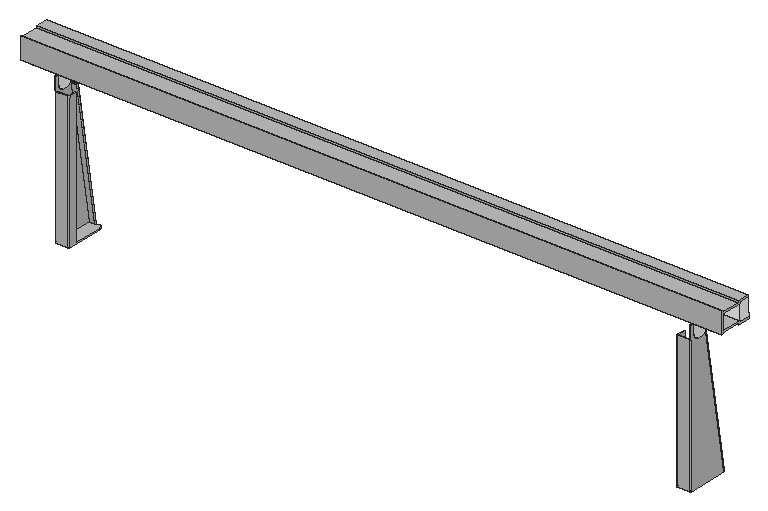
Revit family "4070765+4070746+4070772 Feilo Sylvania Lighting Fixture CURSUS 1161MM 827LM OVAL LED 3K with CONTINUOUS WALL HOUSING with 250MM WALL BRACKET", category Lighting Fixtures, host Face, Revit 2017
Family settings
  Host = Face
  Round Connector Dimension = Use Diameter
  Part Type = Normal
  OmniClass Number = 23.80.70.14
  OmniClass Title = Luminaries for External Lighting
  Cut with Voids When Loaded = Yes
  Light Source = No
  Shared = No
  Room Calculation Point = No
Parameters (values of type "4070765 CURSUS 1161MM 827LM OVAL LED 3K")
  Weight = "2.2 kg"
  Wattage Comments = "n/a"
  WarrantyStartDate [instance] = "n/a"
  WarrantyGuarantorParts = "n/a"
  WarrantyDurationUnit = "n/a"
  WarrantyDurationParts = "n/a"
  WarrantyDescription = "n/a"
  Voltage = 24 V
  URL = "http://www.sylvania-lighting.com"
  TypeName = "CURSUS 1161MM 827LM OVAL LED 3K"
  TypeFixture_FEILO = CURSUS with CONTINUOUS WALL HOUSING : CURSUS 1161MM 827LM OVAL LED 3K
  Type Image = <None>
  Type Comments = "n/a"
  TiltAngle [instance] = 0.00°
  StartAngle [instance] = TiltAngle + 270.00°  # 270.00°
  SerialNumber [instance] = "n/a"
  ReflectorMaterial = none
  PowerFactor = 0
  PowerConsumption = "18 W"
  NominalLength = 1161 mm
  NominalHeight = 50 mm
  NominalDepth = 30 mm
  Name = "CURSUS 1161MM 827LM OVAL LED 3K"
  ModelReference = Name  # "CURSUS 1161MM 827LM OVAL LED 3K"
  ModelNumber = "4070765"
  Model = Name  # "CURSUS 1161MM 827LM OVAL LED 3K"
  Material = "natural anodised extruded aluminium structure housing, optical system with pmma lenses diffuser"
  ManufacturerName = "Feilo Sylvania"
  Manufacturer = "Feilo Sylvania"
  LuminousEfficacy = "45.94 lm/W"
  LuminaireType = ""
  LightOutputRatio = "100"
  LampsType = Lamp  # "LED"
  LampNominalLuminous = "827 lm"
  LampMacAdamStep = "n/a"
  LampColourTemperature = "3000 K"
  LampColourRenderingIndex = "80"
  Lamp = "LED"
  Keynote = "16500"
  InstallationDate [instance] = "n/a"
  InputVoltage = "24V DC"
  InputNominalFrequency = "n/a"
  IngressProtection = "IP67"
  ImpactProtectionIndex = "IK07"
  IfcExportType = "IfcLightFixtureType"
  IfcExportAs = "IfcLightFixtureType"
  ExpectedLife = 50000
  EndAngle [instance] = StartAngle - 180.00°  # 90.00°
  ElectricShockClassification = "Class III"
  DurationUnit = "hours"
  DocumentationLiterature = "http://www.sylvania-lighting.com/product/en-int/products/4070765"
  DimmingControlOptions = "n/a"
  DiffuserMaterial = Diffuser-Sylvania-Glow
  Description = "LED Exterior Lighting Recessed Surface Mounted Linear Fixture, Natural anodised extruded aluminium structure. Die-cast aluminium end caps. Installation kit with harmonic steel springs., 827 lm, 18W, 45lm/W, 3000K, CRI80+,non dimmable,IP67, IK07, (HxWxD) 1161x50x30mm, 3 step Mac Adam Ellipse, 2.2kg,, Classe III, 21-25V-DC, energy class : A++, A+, A"
  Default Elevation = 1219.2 mm
  CreatedOn = "1/8/2018"
  CreatedBy = ""
  Cost = 0
  built-in parameter 1114216 [instance] = (empty or 0)
  ClassificationValue = "EF_70_80"
  ClassificationName = "Uniclass2015"
  BracketWidth = 24 mm
  BracketThickness = 2 mm
  BracketHeightEnd = 32 mm
  BracketHeight = 70 mm
  BracketFlange = BracketHeight / 5  # 14 mm
  BracketExtension = 250 mm
  BracketEndReduction = 25 mm
  BracketC = 22 mm  # constant formula
  BracketDistance = 1030 mm
  BracketD = BracketHeightEnd - (BracketC * (BracketHeight - BracketHeightEnd) / (BracketExtension - BracketEndReduction))  # 28.284 mm
  BodyMaterial = Body-Sylvania-Gray
  BarCode [instance] = "n/a"
  AssetType = "Fixed"
  AssetIdentifier [instance] = "n/a"
  Assembly Code = "D5020200"
  Apparent Load = 18 VA
  AccessoryMaterial = Diffuser-Sylvania-Glow
Reference planes
  plane 1 "Center (Front/Back)": y = 0
  plane 2: z = 0
  plane 3 "Center (Left/Right)": x = 0
  plane 4: x = -527
  plane 5: x = 527
  plane 6: y = 70
  plane 7: x = -503
  plane 8: x = 503
  plane 9: z = 250
  plane 10: z = 236
  plane 11: z = 2
  plane 12: z = 225
  plane 13: x = -525
  plane 14: y = 68
  plane 15: y = 2
  plane 16: x = -505
  plane 17: x = 505
  plane 18: x = 525
  plane 19: x = -515
  plane 20: x = 515
  plane 21: y = 14
  plane 22: y = 32
  plane 23: y = 30
  plane 24: z = 247
  plane 25: y = 28.284
  plane 26: y = 16
Forms (mm)
  Blend 1, solid, material "Body-Sylvania-Gray" <- "BodyMaterial"
    base sketch origin (1223.4, -4572, 2) x (0, -1, 0) y (1, 0, 0)
      loop
        line (-4640, -1738.4) -> (-4642, -1738.4) -> (-4642, -1748.4)
        arc (-4642, -1748.4) -> (-4641.414, -1749.814) -> (-4640, -1750.4) r 2
        line (-4640, -1750.4) -> (-4574, -1750.4)
        arc (-4574, -1750.4) -> (-4572.586, -1749.814) -> (-4572, -1748.4) r 2
        line (-4572, -1748.4) -> (-4572, -1728.4)
        arc (-4572, -1728.4) -> (-4572.586, -1726.986) -> (-4574, -1726.4) r 2
        line (-4574, -1726.4) -> (-4586, -1726.4) -> (-4586, -1728.4) -> (-4574, -1728.4) -> (-4574, -1748.4) -> (-4640, -1748.4) -> (-4640, -1738.4)
    top sketch origin (1223.4, -4572, 2) x (0, -1, 0) y (1, 0, 0)
      loop
        line (-4586, -1728.4) -> (-4574, -1728.4) -> (-4574, -1748.4) -> (-4602, -1748.4) -> (-4602, -1738.4) -> (-4604, -1738.4) -> (-4604, -1748.4)
        arc (-4604, -1748.4) -> (-4603.52, -1749.71) -> (-4602.309, -1750.4) r 2.028
        line (-4602.309, -1750.4) -> (-4574, -1750.4)
        arc (-4574, -1750.4) -> (-4572.586, -1749.814) -> (-4572, -1748.4) r 2
        line (-4572, -1748.4) -> (-4572, -1728.4)
        arc (-4572, -1728.4) -> (-4572.586, -1726.986) -> (-4574, -1726.4) r 2
        line (-4574, -1726.4) -> (-4586, -1726.4) -> (-4586, -1728.4)
    from 0 to 223
  Extrusion 2, solid, material "Body-Sylvania-Gray" <- "BodyMaterial"
    sketch origin (0, 0, 0) x (1, 0, 0) y (0, 1, 0)
      loop
        arc (-525, 70) -> (-526.414, 69.414) -> (-527, 68) r 2
        line (-527, 68) -> (-527, 2)
        arc (-527, 2) -> (-526.414, 0.586) -> (-525, 0) r 2
        line (-525, 0) -> (-505, 0)
        arc (-505, 0) -> (-503.586, 0.586) -> (-503, 2) r 2
        line (-503, 2) -> (-503, 62.5)
        arc (-503, 62.5) -> (-505.197, 67.803) -> (-510.5, 70) r 7.5
        line (-510.5, 70) -> (-525, 70)
      loop
        line (525, 70) -> (510.5, 70)
        arc (510.5, 70) -> (505.197, 67.803) -> (503, 62.5) r 7.5
        line (503, 62.5) -> (503, 2)
        arc (503, 2) -> (503.586, 0.586) -> (505, 0) r 2
        line (505, 0) -> (525, 0)
        arc (525, 0) -> (526.414, 0.586) -> (527, 2) r 2
        line (527, 2) -> (527, 68)
        arc (527, 68) -> (526.414, 69.414) -> (525, 70) r 2
    from 0 to 2
  Blend 3, solid, material "Body-Sylvania-Gray" <- "BodyMaterial"
    base sketch origin (1223.4, -4572, 2) x (0, -1, 0) y (1, 0, 0)
      loop
        line (-4640, -698.4) -> (-4574, -698.4) -> (-4574, -718.4) -> (-4586, -718.4) -> (-4586, -720.4) -> (-4574, -720.4)
        arc (-4574, -720.4) -> (-4572.586, -719.814) -> (-4572, -718.4) r 2
        line (-4572, -718.4) -> (-4572, -698.4)
        arc (-4572, -698.4) -> (-4572.586, -696.986) -> (-4574, -696.4) r 2
        line (-4574, -696.4) -> (-4640, -696.4)
        arc (-4640, -696.4) -> (-4641.414, -696.986) -> (-4642, -698.4) r 2
        line (-4642, -698.4) -> (-4642, -708.4) -> (-4640, -708.4) -> (-4640, -698.4)
    top sketch origin (1223.4, -4572, 2) x (0, -1, 0) y (1, 0, 0)
      loop
        line (-4602, -708.4) -> (-4602, -698.4) -> (-4574, -698.4) -> (-4574, -718.4) -> (-4586, -718.4) -> (-4586, -720.4) -> (-4574, -720.4)
        arc (-4574, -720.4) -> (-4572.586, -719.814) -> (-4572, -718.4) r 2
        line (-4572, -718.4) -> (-4572, -698.4)
        arc (-4572, -698.4) -> (-4572.586, -696.986) -> (-4574, -696.4) r 2
        line (-4574, -696.4) -> (-4602, -696.4)
        arc (-4602, -696.4) -> (-4603.414, -696.986) -> (-4604, -698.4) r 2
        line (-4604, -698.4) -> (-4604, -708.4) -> (-4602, -708.4)
    from 0 to 223
  Blend 4, solid, material "Body-Sylvania-Gray" <- "BodyMaterial"
    base sketch origin (1223.4, -4572, 225) x (0, -1, 0) y (1, 0, 0)
      loop
        line (-4604, -1750.4) -> (-4572, -1750.4) -> (-4572, -1748.4) -> (-4604, -1748.4) -> (-4604, -1750.4)
    top sketch origin (1223.4, -4572, 225) x (0, -1, 0) y (1, 0, 0)
      loop
        line (-4572, -1750.4) -> (-4572, -1748.4) -> (-4600.284, -1748.4) -> (-4600.284, -1750.4) -> (-4572, -1750.4)
    from 0 to 22
  Blend 5, solid, material "Body-Sylvania-Gray" <- "BodyMaterial"
    base sketch origin (1223.4, -4572, 225) x (0, -1, 0) y (1, 0, 0)
      loop
        line (-4604, -698.4) -> (-4572, -698.4) -> (-4572, -696.4) -> (-4604, -696.4) -> (-4604, -698.4)
    top sketch origin (1223.4, -4572, 225) x (0, -1, 0) y (1, 0, 0)
      loop
        line (-4572, -696.4) -> (-4600.284, -696.4) -> (-4600.284, -698.4) -> (-4572, -698.4) -> (-4572, -696.4)
    from 0 to 22
  Extrusion 6, void
    sketch origin (0, 0, 0) x (0, 1, 0) y (0, 0, 1)
      loop
        line (0, 225) -> (2, 225) -> (2, 226.5) -> (0, 226.5) -> (0, 225)
      loop
        line (32, 225) -> (32, 226.5) -> (30, 226.5) -> (30, 225) -> (32, 225)
    from -527 to 527
  Revolve 7, solid, not visible
    sketch origin (1524, 16, 1219.2) x (1, 0, 0) y (0, 0, 1)
      loop
        line (-1524, -972.2) -> (-1524, -983.2) -> (-1009, -983.2) -> (-1009, -972.2) -> (-1524, -972.2)
      axis (-1009, -983.2) -> (-1524, -983.2)
    angle from 270 <- "StartAngle" to 90 <- "EndAngle"
Cuts and joins
  Extrusion 6 cuts Blend 4
  Extrusion 6 cuts Blend 5
  joined: Blend 1, Extrusion 2, Blend 3, Blend 4, Blend 5
Lines and regions (mm)
  reference lines, not visible
    curve 1: line (-503, 16, 236) -> (503, 16, 236)
Dimensions and locks
  equal spacing: plane 4, plane 3 "Center (Left/Right)", plane 5
  "BracketDistance": plane 19 to plane 20
  "BracketHeight": plane 1 "Center (Front/Back)" to plane 6
  equal spacing: plane 7, plane 3 "Center (Left/Right)", plane 8
  "BracketWidth": plane 4 to plane 7
  "BracketExtension": plane 9 to plane 2
  "BracketThickness": plane 11 to plane 2
  "BracketEndReduction": plane 9 to plane 12
  equal spacing: plane 13, plane 3 "Center (Left/Right)", plane 18
  equal spacing: plane 16, plane 3 "Center (Left/Right)", plane 17
  "BracketThickness": plane 4 to plane 13
  "BracketThickness": plane 16 to plane 7
  "BracketThickness": plane 14 to plane 6
  "BracketThickness": plane 1 "Center (Front/Back)" to plane 15
  equal spacing: plane 4, plane 19, plane 7
  equal spacing: plane 8, plane 20, plane 5
  "BracketFlange": plane 1 "Center (Front/Back)" to plane 21
  "BracketHeightEnd": plane 1 "Center (Front/Back)" to plane 22
  "BracketThickness": plane 23 to plane 22
  locked: Extrusion 2 sketch curve to plane 7 at 7.5
  locked: Extrusion 2 sketch curve to plane 6 at 7.5  (x2)
  locked: plane 8 to Extrusion 2 sketch curve at 7.5
  "BracketC": plane 24 to plane 12
  "BracketD": plane 1 "Center (Front/Back)" to plane 25
  locked: plane 12 to Extrusion 6 sketch curve at 1.5
  equal spacing: plane 24, plane 10, plane 12
  equal spacing: plane 1 "Center (Front/Back)", plane 26, plane 22
  aligned and locked: plane 2 to host face
  aligned and locked: level to host face
  aligned and locked: plane 4 to Blend 1 sketch curve  (x2)
  aligned and locked: plane 13 to Blend 1 sketch curve  (x3)
  aligned and locked: Blend 1 sketch curve to plane 15
  aligned and locked: Blend 1 sketch curve to plane 16
  aligned and locked: Blend 1 sketch curve to plane 21
  aligned and locked: plane 7 to Blend 1 sketch curve
  aligned and locked: plane 16 to Blend 1 sketch curve
  aligned and locked: plane 1 "Center (Front/Back)" to Blend 1 sketch curve
  aligned and locked: plane 14 to Blend 1 sketch curve
  aligned and locked: Blend 1 sketch curve to var sketch  (x6)
  aligned and locked: Blend 1 sketch curve to plane 19
  aligned and locked: Blend 1 sketch curve to plane 22
  aligned and locked: plane 23 to Blend 1 sketch curve
  aligned and locked: plane 11 to Blend 1
  aligned and locked: Extrusion 2 sketch curve to Blend 1  (x3)
  aligned and locked: Extrusion 2 to level
  aligned and locked: Extrusion 2 to plane 11
  aligned and locked: Extrusion 2 sketch curve to plane 7
  aligned and locked: plane 18 to Blend 3 sketch curve  (x4)
  aligned and locked: plane 14 to Blend 3 sketch curve  (x2)
  aligned and locked: Blend 3 sketch curve to plane 20
  aligned and locked: Blend 3 sketch curve to plane 6
  aligned and locked: plane 5 to Blend 3 sketch curve
  aligned and locked: plane 1 "Center (Front/Back)" to Blend 3 sketch curve
  aligned and locked: plane 15 to Blend 3 sketch curve  (x2)
  aligned and locked: Blend 3 sketch curve to plane 8
  aligned and locked: Blend 3 sketch curve to plane 21
  aligned and locked: plane 17 to Blend 3 sketch curve
  aligned and locked: Blend 3 sketch curve to plane 18
  aligned and locked: plane 20 to Blend 3 sketch curve  (x2)
  aligned and locked: Blend 3 sketch curve to plane 23
  aligned and locked: Blend 3 sketch curve to var sketch  (x8)
  aligned and locked: var sketch to Blend 3 sketch curve
  aligned and locked: plane 22 to Blend 3 sketch curve
  aligned and locked: plane 11 to Blend 3
  aligned and locked: Extrusion 2 sketch curve to Blend 3  (x4)
  aligned and locked: Blend 1 to plane 12
  aligned and locked: Blend 3 to plane 12
  aligned and locked: Blend 4 sketch curve to plane 22
  aligned and locked: Blend 4 sketch curve to cut or joined group of Blend 1, Extrusion 2, Blend 3, Blend 4, Blend 5, Extrusion 6  (x2)
  aligned and locked: cut or joined group of Blend 1, Extrusion 2, Blend 3, Blend 4, Blend 5, Extrusion 6 to Blend 4 sketch curve
  aligned and locked: Blend 4 sketch curve to var sketch  (x2)
  aligned and locked: Blend 4 sketch curve to plane 13
  aligned and locked: Blend 4 to plane 24
  aligned and locked: Blend 4 sketch curve to plane 25
  aligned and locked: Blend 5 sketch curve to plane 18  (x2)
  aligned and locked: plane 1 "Center (Front/Back)" to Blend 5 sketch curve
  aligned and locked: plane 5 to Blend 5 sketch curve
  aligned and locked: plane 22 to Blend 5 sketch curve
  aligned and locked: Blend 5 sketch curve to var sketch
  aligned and locked: var sketch to Blend 5 sketch curve
  aligned and locked: Blend 5 sketch curve to plane 25
  aligned and locked: Blend 5 to plane 24
  aligned and locked: plane 12 to Blend 5
  aligned and locked: Extrusion 6 sketch curve to cut or joined group of Blend 1, Extrusion 2, Blend 3, Blend 4, Blend 5, Extrusion 6  (x2)
  aligned and locked: Extrusion 6 sketch curve to Extrusion 6 sketch curve
  aligned and locked: Extrusion 6 sketch curve to plane 15
  aligned and locked: plane 5 to Extrusion 6
  aligned and locked: Extrusion 6 to plane 4
  aligned and locked: Extrusion 6 sketch curve to plane 23
  aligned and locked: Revolve 7 sketch curve to plane 10  (x2)
  aligned and locked: plane 24 to Revolve 7 sketch curve
  aligned and locked: plane 3 "Center (Left/Right)" to Revolve 7 sketch curve
  aligned and locked: Revolve 7 sketch curve to plane 20
  aligned and locked: plane 7 to curve 1
  aligned and locked: plane 10 to curve 1
  aligned and locked: nested 1 to plane 5
  aligned and locked: nested 2 to plane 4
  aligned and locked: nested 1 to curve 1
  aligned and locked: nested 2 to curve 1
  aligned and locked: nested 3 to plane 3 "Center (Left/Right)"
  aligned and locked: nested 1 to nested 3
Automatic sketch dimensions
  host sketch curve to host sketch curve = 2438.4 mm  (x2)
  Blend 1 sketch curve to plane 13 = 0 mm
  plane 15 to Blend 1 sketch curve = 0 mm  (x3)
  Blend 1 sketch curve to plane 23 = 0.309 mm
  plane 6 to Blend 1 sketch curve = 0 mm
  plane 14 to Blend 1 sketch curve = 0 mm
  Blend 1 sketch curve to plane 19 = 0 mm
  Blend 3 sketch curve to plane 17 = 0 mm
  Extrusion 6 sketch curve to plane 1 "Center (Front/Back)" = 0 mm
  plane 12 to Extrusion 6 sketch curve = 0 mm
  Revolve 7 sketch curve to plane 4 = 1153 mm
  plane 5 to Revolve 7 sketch curve = 1161.4 mm
  curve 1 to plane 8 = 0 mm
Nested families
  nested 1: "MountingPlate" at (526, 16, 236) x (-1, 0, 0) z (0, 0, 1), type "MountingPlate"
  nested 2: "MountingPlate" at (-526, 16, 236) x (-1, 0, 0) z (0, 0, 1), type "MountingPlate"
  nested 3: "CURSUS with CONTINUOUS WALL HOUSING" at (0, -4, 254) x (-1, 0, 0) z (0, 0, 1), type <- "TypeFixture_FEILO", type "CURSUS 1161MM 827LM OVAL LED 3K"
    with WarrantyStartDate "n/a", SerialNumber "n/a", InstallationDate "n/a", EndCapRight no, EndCapLeft no, built-in parameter 1114216 (empty or 0), BarCode "n/a", AssetIdentifier "n/a"
Connectors
  electrical at (0, 0, 0), driven by "Voltage", driven by "Apparent Load", driven by "PowerFactor"
    settings: index 1, voltage 24 V, apparent load 18 VA, apparent load phase1 0 VA, apparent load phase2 0 VA, apparent load phase3 0 VA, power factor 0, load classification "Other", number of poles 1, system type 30, power factor state 1, is connector primary yes, connector utility no, sub classification motor no, connector description ""
Definition of nested family "MountingPlate"
  Parameters (values of type "MountingPlate")
    URL = "http://www.feilosylvania.com"
    Type Comments = "n/a"
    ReflectorMaterial = none
    MountingPlateWidth = 76 mm
    MountingPlateThickness = 2 mm
    MountingPlateRadiusBack = 12 mm
    MountingPlateRadius = 3 mm
    MountingPlateHeight = 35 mm
    Model = "n/a"
    Manufacturer = "Feilo Sylvania"
    Keynote = "n/a"
    DiffuserMaterial = none
    Description = "n/a"
    Default Elevation = 1219.2 mm
    Cost = 0
    BodyMaterial = none
    Assembly Code = "n/a"
    AccessoryMaterial = none
  Reference planes
    plane 1 "Center (Front/Back)": y = 0
    plane 2: z = 0
    plane 3 "Center (Left/Right)": x = 0
    plane 4: x = -38
    plane 5: x = 38
    plane 6: y = 17.5
    plane 7: y = -17.5
    plane 8: x = -3
    plane 9: x = 3
    plane 10: z = 18
    plane 11: z = 16
    plane 12: y = 12.5
    plane 13: y = -12.5
    plane 14: x = -1
    plane 15: x = 1
    plane 16: z = -12.5
    plane 17: z = -14.5
  Forms (mm)
    Extrusion 1, solid
      sketch origin (1.653, 0, 0) x (1, 0, 0) y (0, 1, 0)
        loop
          line (-1219.2, 1219.2) -> (-1219.2, -1219.2) -> (1219.2, -1219.2) -> (1219.2, 1219.2) -> (-1219.2, 1219.2)
      from 0 to -304.8
    Extrusion 2, solid, material <- "BodyMaterial"
      sketch origin (1218.4, -4572, 16) x (0, -1, 0) y (-1, 0, 0)
        loop
          line (-4589.5, 1253.4) -> (-4589.5, 1224.4)
          arc (-4589.5, 1224.4) -> (-4588.621, 1222.279) -> (-4586.5, 1221.4) r 3
          line (-4586.5, 1221.4) -> (-4557.5, 1221.4)
          arc (-4557.5, 1221.4) -> (-4555.379, 1222.279) -> (-4554.5, 1224.4) r 3
          line (-4554.5, 1224.4) -> (-4554.5, 1253.4)
          arc (-4554.5, 1253.4) -> (-4555.379, 1255.521) -> (-4557.5, 1256.4) r 3
          line (-4557.5, 1256.4) -> (-4586.5, 1256.4)
          arc (-4586.5, 1256.4) -> (-4588.621, 1255.521) -> (-4589.5, 1253.4) r 3
        loop
          arc (-4589.5, 1183.4) -> (-4588.621, 1181.279) -> (-4586.5, 1180.4) r 3
          line (-4586.5, 1180.4) -> (-4557.5, 1180.4)
          arc (-4557.5, 1180.4) -> (-4555.379, 1181.279) -> (-4554.5, 1183.4) r 3
          line (-4554.5, 1183.4) -> (-4554.5, 1212.4)
          arc (-4554.5, 1212.4) -> (-4555.379, 1214.521) -> (-4557.5, 1215.4) r 3
          line (-4557.5, 1215.4) -> (-4586.5, 1215.4)
          arc (-4586.5, 1215.4) -> (-4588.621, 1214.521) -> (-4589.5, 1212.4) r 3
          line (-4589.5, 1212.4) -> (-4589.5, 1183.4)
      from 0 to -2
    Extrusion 3, solid, material <- "BodyMaterial"
      sketch origin (0, 0, 0) x (1, 0, 0) y (0, 0, 1)
        loop
          line (-3, 18) -> (-3, -12.5) -> (-1, -12.5) -> (-1, 16)
          arc (-1, 16) -> (-1.586, 17.414) -> (-3, 18) r 2
        loop
          line (3, -12.5) -> (3, 18)
          arc (3, 18) -> (1.586, 17.414) -> (1, 16) r 2
          line (1, 16) -> (1, -12.5) -> (3, -12.5)
      from -12.5 to 12.5
    Extrusion 4, void
      sketch origin (0, 0, 0) x (0, 1, 0) y (0, 0, 1)
        loop
          line (-12.5, -0.5) -> (-17.5, -0.5) -> (-17.5, -14.5) -> (-0.5, -14.5) -> (-0.5, -12.5)
          arc (-0.5, -12.5) -> (-8.985, -8.985) -> (-12.5, -0.5) r 12
        loop
          line (0.5, -12.5) -> (0.5, -14.5) -> (17.5, -14.5) -> (17.5, -0.5) -> (12.5, -0.5)
          arc (12.5, -0.5) -> (8.985, -8.985) -> (0.5, -12.5) r 12
      from -3 to 3
  Cuts and joins
    Extrusion 4 cuts Extrusion 2
    Extrusion 4 cuts Extrusion 3
    joined: Extrusion 2, Extrusion 3
  Lines and regions (mm)
    reference lines
      curve 1: line (-38, 0, 0) -> (38, 0, 0)
  Dimensions and locks
    equal spacing: plane 4, plane 3 "Center (Left/Right)", plane 5
    "MountingPlateWidth": plane 4 to plane 5
    equal spacing: plane 7, plane 1 "Center (Front/Back)", plane 6
    "MountingPlateHeight": plane 7 to plane 6
    equal spacing: plane 8, plane 3 "Center (Left/Right)", plane 9
    "MountingPlateHeight": plane 4 to plane 8
    locked: plane 10 to plane 2 at 18
    "MountingPlateThickness": plane 10 to plane 11
    equal spacing: plane 13, plane 1 "Center (Front/Back)", plane 12
    locked: plane 13 to plane 12 at 25
    "MountingPlateRadius": plane 4 to Extrusion 2 sketch curve  (x2)
    "MountingPlateRadius": Extrusion 2 sketch curve to plane 6  (x4)
    "MountingPlateRadius": Extrusion 2 sketch curve to plane 8  (x2)
    "MountingPlateRadius": plane 7 to Extrusion 2 sketch curve  (x4)
    "MountingPlateRadius": plane 9 to Extrusion 2 sketch curve  (x2)
    "MountingPlateRadius": Extrusion 2 sketch curve to plane 5  (x2)
    equal spacing: plane 15, plane 3 "Center (Left/Right)", plane 14
    "MountingPlateThickness": plane 14 to plane 8
    locked: plane 2 to plane 16 at 12.5
    locked: plane 17 to plane 16 at 2
    "MountingPlateRadiusBack": plane 13 to Extrusion 4 sketch curve
    "MountingPlateRadiusBack": plane 16 to Extrusion 4 sketch curve  (x2)
    "MountingPlateRadiusBack": Extrusion 4 sketch curve to plane 12
    aligned and locked: plane 2 to Extrusion 1
    aligned and locked: level to Extrusion 1
    aligned and locked: Extrusion 2 sketch curve to plane 6
    aligned and locked: Extrusion 2 sketch curve to plane 4
    aligned and locked: plane 7 to Extrusion 2 sketch curve
    aligned and locked: plane 8 to Extrusion 2 sketch curve
    aligned and locked: plane 6 to Extrusion 2 sketch curve
    aligned and locked: Extrusion 2 sketch curve to plane 5
    aligned and locked: Extrusion 2 sketch curve to plane 7
    aligned and locked: plane 9 to Extrusion 2 sketch curve
    aligned and locked: Extrusion 2 to plane 10
    aligned and locked: plane 11 to Extrusion 2
    aligned and locked: Extrusion 3 sketch curve to Extrusion 2  (x2)
    aligned and locked: plane 16 to Extrusion 3 sketch curve  (x2)
    aligned and locked: plane 14 to Extrusion 3 sketch curve
    aligned and locked: plane 9 to Extrusion 3 sketch curve
    aligned and locked: plane 15 to Extrusion 3 sketch curve
    aligned and locked: Extrusion 3 to plane 12
    aligned and locked: plane 13 to Extrusion 3
    aligned and locked: plane 17 to Extrusion 4 sketch curve  (x2)
    aligned and locked: Extrusion 4 sketch curve to plane 7
    aligned and locked: Extrusion 4 sketch curve to plane 6
    aligned and locked: plane 9 to Extrusion 4
    aligned and locked: Extrusion 4 to plane 8
    aligned and locked: plane 4 to curve 1
    aligned and locked: curve 1 to level
  Automatic sketch dimensions
    Extrusion 1 sketch curve to Extrusion 1 sketch curve = 2438.4 mm  (x2)
    Extrusion 3 sketch curve to plane 11 = 0 mm
    curve 1 to plane 5 = 0 mm
    Extrusion 4 sketch curve to plane 13 = 0 mm
    Extrusion 4 sketch curve to plane 12 = 0 mm
Definition of nested family "CURSUS with CONTINUOUS WALL HOUSING"
  Parameters (values of type "CURSUS 1161MM 827LM OVAL LED 3K")
    Width_FEILO = 35 mm
    Weight = "2.2 kg"
    Wattage Comments = "n/a"
    Wattage = 18 W
    WarrantyStartDate [instance] = "n/a"
    WarrantyGuarantorParts = "n/a"
    WarrantyDurationUnit = "n/a"
    WarrantyDurationParts = "n/a"
    WarrantyDescription = "n/a"
    WallThickness_FEILO = 2.5 mm
    built-in parameter 1150110 = 1 (stored number, unit not read)
    Voltage = 24 V
    URL = "http://www.feilosylvania.com"
    TypeName = "CURSUS 1161MM 827LM OVAL LED 3K"
    Type Image = (empty or 0)
    Type Comments = "n/a"
    built-in parameter 1114217 = 1 (stored number, unit not read)
    Tilt Angle = -90.00°
    built-in parameter 1150109 = 1 (stored number, unit not read)
    built-in parameter 1150134 = (empty or 0)
    built-in parameter 1150113 = 1 (stored number, unit not read)
    SerialNumber [instance] = "n/a"
    ReflectorMaterial = none
    PowerFactor = 0
    PowerConsumption = "18 W"
    Photometric Web File = "4070765.ies"
    NominalLength = 1161 mm
    NominalHeight = 50 mm
    NominalDepth = 30 mm
    Name = "CURSUS 1161MM 827LM OVAL LED 3K"
    ModelReference = Name  # "CURSUS 1161MM 827LM OVAL LED 3K"
    ModelNumber = ""
    Model = Name  # "CURSUS 1161MM 827LM OVAL LED 3K"
    Material = "natural anodised extruded aluminium structure housing, optical system with pmma lenses diffuser"
    ManufacturerName = "Feilo Sylvania"
    Manufacturer = "Feilo Sylvania"
    LuminousEfficacy = "45.94 lm/W"
    built-in parameter 1150105 = 65.811 (stored number, unit not read)
    Lumens = 827 lm
    LuminaireType = ""
    built-in parameter 1150115 = 1 (stored number, unit not read)
    LightOutputRatio = "100"
    built-in parameter 1150137 = (empty or 0)
    built-in parameter 1150139 = (empty or 0)
    Length_FEILO = 1167 mm
    LampsType = Lamp  # "LED"
    LampNominalLuminous = "827 lm"
    LampMacAdamStep = "n/a"
    LampColourTemperature = "3000 K"
    LampColourRenderingIndex = "80"
    built-in parameter 1150112 = 1 (stored number, unit not read)
    built-in parameter 1150114 = 1 (stored number, unit not read)
    Lamp = "LED"
    Keynote = "16500"
    InstallationDate [instance] = "n/a"
    InputVoltage = "24V DC"
    InputNominalFrequency = "n/a"
    built-in parameter 1150132 = (empty or 0)
    built-in parameter 1150102 = (empty or 0)
    built-in parameter 1150107 = 3000 (stored number, unit not read)
    built-in parameter 1150138 = (empty or 0)
    IngressProtection = "IP67"
    ImpactProtectionIndex = "IK07"
    built-in parameter 1150106 = 0.65811 (stored number, unit not read)
    IfcExportType = "IfcLightFixtureType"
    IfcExportAs = "IfcLightFixtureType"
    ExpectedLife = 50000
    EndCapRight [instance] = no
    EndCapLeft [instance] = no
    Emit from Rectangle Width = Width_FEILO - WallThickness_FEILO * 2  # 30 mm
    Emit from Rectangle Length = Length_FEILO - WallThickness_FEILO * 2  # 1162 mm
    Emit Shape Visible in Rendering = no
    ElectricShockClassification = "Class III"
    built-in parameter 1150104 = 4.2684 (stored number, unit not read)
    DurationUnit = "hours"
    DocumentationLiterature = "http://www.feilosylvania.com/product/en-int/products/4070765"
    DimmingControlOptions = "n/a"
    Dimming Lamp Color Temperature Shift = (empty or 0)
    DiffuserMaterial = none
    Description = "LED Exterior Lighting Recessed Surface Mounted Linear Fixture, Natural anodised extruded aluminium structure. Die-cast aluminium end caps. Installation kit with harmonic steel springs., 827 lm, 18W, 45lm/W, 3000K, CRI80+,non dimmable,IP67, IK07, (HxWxD) 1161x50x30mm, 3 step Mac Adam Ellipse, 2.2kg,, Classe III, 21-25V-DC, energy class : A++, A+, A"
    Default Elevation = 1219.2 mm
    CreatedOn = "1/8/2018"
    CreatedBy = "aron.fodor@feilosylvania.com"
    Cost = 0
    Color Filter = 16777215
    built-in parameter 1114216 [instance] = (empty or 0)
    ClassificationValue = "EF_70_80"
    ClassificationName = "Uniclass2015"
    BodyMaterial = none
    BarCode [instance] = "n/a"
    built-in parameter 1114218 = 1 (stored number, unit not read)
    built-in parameter 1150133 = 10 (stored number, unit not read)
    AssetType = "Fixed"
    AssetIdentifier [instance] = "n/a"
    Assembly Code = "D5020200"
    Apparent Load = 18 VA
    AccessoryMaterial = none
  Types (16, lengths in mm): name | Weight | Wattage | Voltage | TypeName | built-in parameter 1150134 | PowerConsumption | Photometric Web File | NominalLength | Name | ModelReference | Model | Material | LuminousEfficacy | built-in parameter 1150105 | Lumens | Length_FEILO | LampNominalLuminous | LampColourTemperature | InputVoltage | InputNominalFrequency | built-in parameter 1150107 | built-in parameter 1150106 | Emit from Rectangle Length | built-in parameter 1150104 | DocumentationLiterature | Description | Apparent Load
    CURSUS 1161MM 827LM OVAL LED 3K | "2.2 kg" | 18 W | 24 V | "CURSUS 1161MM 827LM OVAL LED 3K" | (empty or 0) | "18 W" | "4070765.ies" | 1161 | "CURSUS 1161MM 827LM OVAL LED 3K" | "CURSUS 1161MM 827LM OVAL LED 3K" | "CURSUS 1161MM 827LM OVAL LED 3K" | "natural anodised extruded aluminium structure housing, optical system with pmma lenses diffuser" | "45.94 lm/W" | 65.811 (stored number, unit not read) | 827 lm | 1167 | "827 lm" | "3000 K" | "24V DC" | "n/a" | 3000 (stored number, unit not read) | 0.65811 (stored number, unit not read) | 1162 | 4.2684 (stored number, unit not read) | "http://www.feilosylvania.com/product/en-int/products/4070765" | "LED Exterior Lighting Recessed Surface Mounted Linear Fixture, Natural anodised extruded aluminium structure. Die-cast aluminium end caps. Installation kit with harmonic steel springs., 827 lm, 18W, 45lm/W, 3000K, CRI80+,non dimmable,IP67, IK07, (HxWxD) 1161x50x30mm, 3 step Mac Adam Ellipse, 2.2kg,, Classe III, 21-25V-DC, energy class : A++, A+, A" | 18 VA
    CURSUS 1161MM 731LM WIDE LED 3K | "2.2 kg" | 18 W | 230 V | "CURSUS 1161MM 731LM WIDE LED 3K" | (empty or 0) | "18 W" | "4070764.ies" | 1161 | "CURSUS 1161MM 731LM WIDE LED 3K" | "CURSUS 1161MM 731LM WIDE LED 3K" | "CURSUS 1161MM 731LM WIDE LED 3K" | "natural anodised extruded aluminium structure housing" | "40.61 lm/W" | 58.171 (stored number, unit not read) | 731 lm | 1167 | "731 lm" | "3000 K" | "220-240V~" | "n/a" | 3000 (stored number, unit not read) | 0.58171 (stored number, unit not read) | 1162 | 3.7729 (stored number, unit not read) | "http://www.feilosylvania.com/product/en-int/products/4070764" | "LED Exterior Lighting Recessed Surface Mounted Linear Fixture, Natural anodised extruded aluminium structure. Die-cast aluminium end caps. Installation kit with harmonic steel springs., 731 lm, 18W, 40lm/W, 3000K, CRI80+,non dimmable,IP67, IK07, (HxWxD) 1161x50x30mm, 3 step Mac Adam Ellipse, 2.2kg,, Classe III, 21-25V-DC, energy class : A++, A+, A" | 18 VA
    CURSUS 1161MM 871LM OVAL LED 4K | "2.2 kg" | 18 W | 24 V | "CURSUS 1161MM 871LM OVAL LED 4K" | 12 | "18 W" | "4070763.ies" | 1161 | "CURSUS 1161MM 871LM OVAL LED 4K" | "CURSUS 1161MM 871LM OVAL LED 4K" | "CURSUS 1161MM 871LM OVAL LED 4K" | "natural anodised extruded aluminium structure housing, optical system with pmma lenses diffuser" | "48.38 lm/W" | 69.312 (stored number, unit not read) | 871 lm | 1167 | "871 lm" | "4000 K" | "24V DC" | "50/60 Hz" | 4000 (stored number, unit not read) | 0.69312 (stored number, unit not read) | 1162 | 4.4955 (stored number, unit not read) | "http://www.feilosylvania.com/product/en-int/products/4070763" | "LED Exterior Lighting Recessed Surface Mounted Linear Fixture, Natural anodised extruded aluminium structure. Die-cast aluminium end caps. Installation kit with harmonic steel springs., 871 lm, 18W,  48lm/W, 4000K, CRI80+,non dimmable,IP67, IK07, (HxWxD) 1161x50x30mm, 3 step Mac Adam Ellipse, 2.2kg,, Classe III, 21-25V-DC, energy class : A++, A+, A" | 18 VA
    CURSUS 1161MM 770LM WIDE LED 4K | "2.2 kg" | 18 W | 230 V | "CURSUS 1161MM 770LM WIDE LED 4K" | 12 | "18 W" | "4070762.ies" | 1161 | "CURSUS 1161MM 770LM WIDE LED 4K" | "CURSUS 1161MM 770LM WIDE LED 4K" | "CURSUS 1161MM 770LM WIDE LED 4K" | "natural anodised extruded aluminium structure housing" | "42.77 lm/W" | 61.275 (stored number, unit not read) | 770 lm | 1167 | "770 lm" | "4000 K" | "220-240V~" | "n/a" | 4000 (stored number, unit not read) | 0.61275 (stored number, unit not read) | 1162 | 3.9742 (stored number, unit not read) | "http://www.feilosylvania.com/product/en-int/products/4070762" | "LED Exterior Lighting Recessed Surface Mounted Linear Fixture, Natural anodised extruded aluminium structure. Die-cast aluminium end caps. Installation kit with harmonic steel springs., 770 lm, 18W,  42lm/W, 4000K, CRI80+,non dimmable,IP67, IK07, (HxWxD) 1161x50x30mm, 3 step Mac Adam Ellipse, 2.2kg,, Classe III, 21-25V-DC, energy class : A++, A+, A" | 18 VA
    CURSUS 876MM 620LM OVAL LED 3K | "1.7 kg" | 13.5 W | 24 V | "CURSUS 876MM 620LM OVAL LED 3K" | (empty or 0) | "13.5 W" | "4070758.ies" | 876 | "CURSUS 876MM 620LM OVAL LED 3K" | "CURSUS 876MM 620LM OVAL LED 3K" | "CURSUS 876MM 620LM OVAL LED 3K" | "natural anodised extruded aluminium structure housing, optical system with pmma lenses diffuser" | "45.92 lm/W" | 49.338 (stored number, unit not read) | 620 lm | 882 | "620 lm" | "3000 K" | "24V DC" | "50/60 Hz" | 3000 (stored number, unit not read) | 0.49338 (stored number, unit not read) | 877 | 4.2667 (stored number, unit not read) | "http://www.feilosylvania.com/product/en-int/products/4070758" | "LED Exterior Lighting Recessed Surface Mounted Linear Fixture, Natural anodised extruded aluminium structure. Die-cast aluminium end caps. Installation kit with harmonic steel springs., 620 lm, 13,5W, 45lm/W, 3000K, CRI80+,non dimmable,IP67, IK07, (HxWxD) 876x50x30mm, 3 step Mac Adam Ellipse, 1.7kg,, Classe III, 21-25V-DC, energy class : A++, A+, A" | 13.5 VA
    CURSUS 876MM 548LM WIDE LED 3K | "1.7 kg" | 13.5 W | 24 V | "CURSUS 876MM 548LM WIDE LED 3K" | (empty or 0) | "13.5 W" | "4070757.ies" | 876 | "CURSUS 876MM 548LM WIDE LED 3K" | "CURSUS 876MM 548LM WIDE LED 3K" | "CURSUS 876MM 548LM WIDE LED 3K" | "natural anodised extruded aluminium structure housing" | "40.59 lm/W" | 43.608 (stored number, unit not read) | 548 lm | 882 | "548 lm" | "3000 K" | "24V DC" | "n/a" | 3000 (stored number, unit not read) | 0.43608 (stored number, unit not read) | 877 | 3.7712 (stored number, unit not read) | "http://www.feilosylvania.com/product/en-int/products/4070757" | "LED Exterior Lighting Recessed Surface Mounted Linear Fixture, Natural anodised extruded aluminium structure. Die-cast aluminium end caps. Installation kit with harmonic steel springs., 548 lm, 13,5W, 40lm/W, 3000K, CRI80+,non dimmable,IP67, IK07, (HxWxD) 876x50x30mm, 3 step Mac Adam Ellipse, 1.7kg,, Classe III, 21-25V-DC, energy class : A++, A+, A" | 13.5 VA
    CURSUS 876MM 653LM OVAL LED 4K | "1.7 kg" | 13.5 W | 24 V | "CURSUS 876MM 653LM OVAL LED 4K" | 12 | "13.5 W" | "4070756.ies" | 876 | "CURSUS 876MM 653LM OVAL LED 4K" | "CURSUS 876MM 653LM OVAL LED 4K" | "CURSUS 876MM 653LM OVAL LED 4K" | "natural anodised extruded aluminium structure housing, optical system with pmma lenses diffuser" | "48.37 lm/W" | 51.964 (stored number, unit not read) | 653 lm | 882 | "653 lm" | "4000 K" | "24V DC" | "n/a" | 4000 (stored number, unit not read) | 0.51964 (stored number, unit not read) | 877 | 4.4938 (stored number, unit not read) | "http://www.feilosylvania.com/product/en-int/products/4070756" | "LED Exterior Lighting Recessed Surface Mounted Linear Fixture, Natural anodised extruded aluminium structure. Die-cast aluminium end caps. Installation kit with harmonic steel springs., 653 lm, 13,5W,  48lm/W, 4000K, CRI80+,non dimmable,IP67, IK07, (HxWxD) 876x50x30mm, 3 step Mac Adam Ellipse, 1.7kg,, Classe III, 21-25V-DC, energy class : A++, A+, A" | 13.5 VA
    CURSUS 876MM 577LM WIDE LED 4K | "1.7 kg" | 13.5 W | 24 V | "CURSUS 876MM 577LM WIDE LED 4K" | 12 | "13.5 W" | "4070755.ies" | 876 | "CURSUS 876MM 577LM WIDE LED 4K" | "CURSUS 876MM 577LM WIDE LED 4K" | "CURSUS 876MM 577LM WIDE LED 4K" | "natural anodised extruded aluminium structure housing" | "42.74 lm/W" | 45.916 (stored number, unit not read) | 577 lm | 882 | "577 lm" | "4000 K" | "24V DC" | "n/a" | 4000 (stored number, unit not read) | 0.45916 (stored number, unit not read) | 877 | 3.9707 (stored number, unit not read) | "http://www.feilosylvania.com/product/en-int/products/4070755" | "LED Exterior Lighting Recessed Surface Mounted Linear Fixture, Natural anodised extruded aluminium structure. Die-cast aluminium end caps. Installation kit with harmonic steel springs., 577 lm, 13,5W,  42lm/W, 4000K, CRI80+,non dimmable,IP67, IK07, (HxWxD) 876x50x30mm, 3 step Mac Adam Ellipse, 1.7kg,, Classe III, 21-25V-DC, energy class : A++, A+, A" | 13.5 VA
    CURSUS 591MM 414LM OVAL LED 3K | "1.2 kg" | 9 W | 24 V | "CURSUS 591MM 414LM OVAL LED 3K" | (empty or 0) | "9 W" | "4070751.ies" | 591 | "CURSUS 591MM 414LM OVAL LED 3K" | "CURSUS 591MM 414LM OVAL LED 3K" | "CURSUS 591MM 414LM OVAL LED 3K" | "natural anodised extruded aluminium structure housing, optical system with pmma lenses diffuser" | "46 lm/W" | 32.945 (stored number, unit not read) | 414 lm | 597 | "414 lm" | "3000 K" | "24V DC" | "n/a" | 3000 (stored number, unit not read) | 0.32945 (stored number, unit not read) | 592 | 4.2735 (stored number, unit not read) | "http://www.feilosylvania.com/product/en-int/products/4070751" | "LED Exterior Lighting Recessed Surface Mounted Linear Fixture, Natural anodised extruded aluminium structure. Die-cast aluminium end caps. Installation kit with harmonic steel springs., 414 lm, 9W, 46lm/W, 3000K, CRI80+,non dimmable,IP67, IK07, (HxWxD) 591x50x30mm, 3 step Mac Adam Ellipse, 1.2kg,, Classe III, 21-25V-DC, energy class : A++, A+, A" | 9 VA
    CURSUS 591MM 365LM WIDE LED 3K | "1.2 kg" | 9 W | 24 V | "CURSUS 591MM 365LM WIDE LED 3K" | (empty or 0) | "9 W" | "4070750.ies" | 591 | "CURSUS 591MM 365LM WIDE LED 3K" | "CURSUS 591MM 365LM WIDE LED 3K" | "CURSUS 591MM 365LM WIDE LED 3K" | "natural anodised extruded aluminium structure housing" | "40.55 lm/W" | 29.046 (stored number, unit not read) | 365 lm | 597 | "365 lm" | "3000 K" | "24V DC" | "n/a" | 3000 (stored number, unit not read) | 0.29046 (stored number, unit not read) | 592 | 3.7677 (stored number, unit not read) | "http://www.feilosylvania.com/product/en-int/products/4070750" | "LED Exterior Lighting Recessed Surface Mounted Linear Fixture, Natural anodised extruded aluminium structure. Die-cast aluminium end caps. Installation kit with harmonic steel springs., 365 lm, 9W, 40lm/W, 3000K, CRI80+,non dimmable,IP67, IK07, (HxWxD) 591x50x30mm, 3 step Mac Adam Ellipse, 1.2kg,, Classe III, 21-25V-DC, energy class : A++, A+, A" | 9 VA
    CURSUS 591MM 435LM OVAL LED 4K | "1.2 kg" | 9 W | 24 V | "CURSUS 591MM 435LM OVAL LED 4K" | 12 | "9 W" | "4070749.ies" | 591 | "CURSUS 591MM 435LM OVAL LED 4K" | "CURSUS 591MM 435LM OVAL LED 4K" | "CURSUS 591MM 435LM OVAL LED 4K" | "natural anodised extruded aluminium structure housing, optical system with pmma lenses diffuser" | "48.33 lm/W" | 34.616 (stored number, unit not read) | 435 lm | 597 | "435 lm" | "4000 K" | "24V DC" | "n/a" | 4000 (stored number, unit not read) | 0.34616 (stored number, unit not read) | 592 | 4.4903 (stored number, unit not read) | "http://www.feilosylvania.com/product/en-int/products/4070749" | "LED Exterior Lighting Recessed Surface Mounted Linear Fixture, Natural anodised extruded aluminium structure. Die-cast aluminium end caps. Installation kit with harmonic steel springs., 435 lm, 9W, 48lm/W, 4000K, CRI80+,non dimmable,IP67, IK07, (HxWxD) 591x50x30mm, 3 step Mac Adam Ellipse, 1.2kg,, Classe III, 21-25V-DC, energy class : A++, A+, A" | 9 VA
    CURSUS 591MM 385LM WIDE LED 4K | "1.2 kg" | 9 W | 24 V | "CURSUS 591MM 385LM WIDE LED 4K" | 12 | "9 W" | "4070748.ies" | 591 | "CURSUS 591MM 385LM WIDE LED 4K" | "CURSUS 591MM 385LM WIDE LED 4K" | "CURSUS 591MM 385LM WIDE LED 4K" | "natural anodised extruded aluminium structure housing" | "42.77 lm/W" | 30.637 (stored number, unit not read) | 385 lm | 597 | "385 lm" | "4000 K" | "24V DC" | "n/a" | 4000 (stored number, unit not read) | 0.30637 (stored number, unit not read) | 592 | 3.9742 (stored number, unit not read) | "http://www.feilosylvania.com/product/en-int/products/4070748" | "LED Exterior Lighting Recessed Surface Mounted Linear Fixture, Natural anodised extruded aluminium structure. Die-cast aluminium end caps. Installation kit with harmonic steel springs., 385 lm, 9W,  42lm/W, 4000K, CRI80+,non dimmable,IP67, IK07, (HxWxD) 591x50x30mm, 3 step Mac Adam Ellipse, 1.2kg,, Classe III, 21-25V-DC, energy class : A++, A+, A" | 9 VA
    CURSUS 306MM 207LM OVAL LED3K | "0.6 kg" | 4.5 W | 24 V | "CURSUS 306MM 207LM OVAL LED3K" | (empty or 0) | "4.5 W" | "4070744.ies" | 306 | "CURSUS 306MM 207LM OVAL LED3K" | "CURSUS 306MM 207LM OVAL LED3K" | "CURSUS 306MM 207LM OVAL LED3K" | "natural anodised extruded aluminium structure housing, optical system with pmma lenses diffuser" | "46 lm/W" | 16.473 (stored number, unit not read) | 207 lm | 312 | "207 lm" | "3000 K" | "24V DC" | "n/a" | 3000 (stored number, unit not read) | 0.16473 (stored number, unit not read) | 307 | 4.2735 (stored number, unit not read) | "http://www.feilosylvania.com/product/en-int/products/4070744" | "LED Exterior Lighting Recessed Surface Mounted Linear Fixture, Natural anodised extruded aluminium structure. Die-cast aluminium end caps. Installation kit with harmonic steel springs., 207 lm, 4,5W, 46lm/W, 3000K, CRI80+,non dimmable,IP67, IK07, (HxWxD) 306x50x30mm, 3 step Mac Adam Ellipse, 0.6kg,, Classe III, 21-25V-DC, energy class : A++, A+, A" | 4.5 VA
    CURSUS 306MM 183LM WIDE LED 3K | "0.6 kg" | 4.5 W | 24 V | "CURSUS 306MM 183LM WIDE LED 3K" | (empty or 0) | "4.5 W" | "4070743.ies" | 306 | "CURSUS 306MM 183LM WIDE LED 3K" | "CURSUS 306MM 183LM WIDE LED 3K" | "CURSUS 306MM 183LM WIDE LED 3K" | "natural anodised extruded aluminium structure housing" | "40.66 lm/W" | 14.563 (stored number, unit not read) | 183 lm | 312 | "183 lm" | "3000 K" | "24V DC" | "n/a" | 3000 (stored number, unit not read) | 0.14563 (stored number, unit not read) | 307 | 3.7781 (stored number, unit not read) | "http://www.feilosylvania.com/product/en-int/products/4070743" | "LED Exterior Lighting Recessed Surface Mounted Linear Fixture, Natural anodised extruded aluminium structure. Die-cast aluminium end caps. Installation kit with harmonic steel springs., 183 lm, 4,5W, 40lm/W, 3000K, CRI80+,non dimmable,IP67, IK07, (HxWxD) 306x50x30mm, 3 step Mac Adam Ellipse, 0.6kg,, Classe III, 21-25V-DC, energy class : A++, A+, A" | 4.5 VA
    CURSUS 306MM 218LM OVAL LED 4K | "0.6 kg" | 4.5 W | 24 V | "CURSUS 306MM 218LM OVAL LED 4K" | 12 | "4.5 W" | "4070742.ies" | 306 | "CURSUS 306MM 218LM OVAL LED 4K" | "CURSUS 306MM 218LM OVAL LED 4K" | "CURSUS 306MM 218LM OVAL LED 4K" | "natural anodised extruded aluminium structure housing, optical system with pmma lenses diffuser" | "48.44 lm/W" | 17.348 (stored number, unit not read) | 218 lm | 312 | "218 lm" | "4000 K" | "24V DC" | "n/a" | 4000 (stored number, unit not read) | 0.17348 (stored number, unit not read) | 307 | 4.5006 (stored number, unit not read) | "http://www.feilosylvania.com/product/en-int/products/4070742" | "LED Exterior Lighting Recessed Surface Mounted Linear Fixture, Natural anodised extruded aluminium structure. Die-cast aluminium end caps. Installation kit with harmonic steel springs., 218 lm, 4,5W,  48lm/W, 4000K, CRI80+,non dimmable,IP67, IK07, (HxWxD) 306x50x30mm, 3 step Mac Adam Ellipse, 0.6kg,, Classe III, 21-25V-DC, energy class : A++, A+, A" | 4.5 VA
    CURSUS 306MM 192LM WIDE LED 4K | "0.6 kg" | 4.5 W | 24 V | "CURSUS 306MM 192LM WIDE LED 4K" | 12 | "4.5 W" | "4070741.ies" | 306 | "CURSUS 306MM 192LM WIDE LED 4K" | "CURSUS 306MM 192LM WIDE LED 4K" | "CURSUS 306MM 192LM WIDE LED 4K" | "natural anodised extruded aluminium structure housing" | "42.66 lm/W" | 15.279 (stored number, unit not read) | 192 lm | 312 | "192 lm" | "4000 K" | "24V DC" | "n/a" | 4000 (stored number, unit not read) | 0.15279 (stored number, unit not read) | 307 | 3.9639 (stored number, unit not read) | "http://www.feilosylvania.com/product/en-int/products/4070741" | "LED Exterior Lighting Recessed Surface Mounted Linear Fixture, Natural anodised extruded aluminium structure. Die-cast aluminium end caps. Installation kit with harmonic steel springs., 192 lm, 4,5W,  42lm/W, 4000K, CRI80+,non dimmable,IP67, IK07, (HxWxD) 306x50x30mm, 3 step Mac Adam Ellipse, 0.6kg,, Classe III, 21-25V-DC, energy class : A++, A+, A" | 4.5 VA
  Reference planes
    plane 1 "Center (Front/Back)": y = 0
    plane 2: z = 0
    plane 3 "Center (Left/Right)": x = 0
    plane 4: x = 583.5
    plane 5: x = -583.5
    plane 6: x = -581
    plane 7: x = 581
    plane 8: z = 35
    plane 9: z = 17.5
    plane 10: z = 32.5
    plane 11: z = 2.5
    plane 12: z = 30
    plane 13: z = 5
    plane 14: y = -55
    plane 15: y = -53
    plane 16: y = -2.5
    plane 17: y = -37
    plane 18: y = -34.5
  Forms (mm)
    Extrusion 1, solid
      sketch origin (4.2, 0, 0) x (1, 0, 0) y (0, 1, 0)
        loop
          line (-1219.2, 1219.2) -> (-1219.2, -1219.2) -> (1219.2, -1219.2) -> (1219.2, 1219.2) -> (-1219.2, 1219.2)
      from 0 to -304.8
    Extrusion 2, solid, material <- "BodyMaterial"
      sketch origin (0, 0, 0) x (0, 1, 0) y (0, 0, 1)
        loop
          line (0, 35) -> (-2.5, 35) -> (-2.5, 32.5) -> (-34.5, 32.5) -> (-34.5, 35) -> (-55, 35) -> (-55, 32.5) -> (-37, 32.5) -> (-37, 30) -> (-2.5, 30) -> (-2.5, 5) -> (-37, 5) -> (-37, 2.5) -> (-55, 2.5) -> (-55, 0) -> (-34.5, 0) -> (-34.5, 2.5) -> (-2.5, 2.5) -> (-2.5, 0) -> (0, 0) -> (0, 35)
      from -581 to 581
    Extrusion 3, solid, material <- "DiffuserMaterial"
      sketch origin (0, 0, 0) x (0, 1, 0) y (0, 0, 1)
        loop
          line (-37, 32.5) -> (-55, 32.5) -> (-55, 19.5) -> (-53, 17.5) -> (-55, 15.5) -> (-55, 2.5) -> (-37, 2.5) -> (-37, 32.5)
      from -581 to 581
    Extrusion 4, solid, material <- "BodyMaterial", visible <- "EndCapRight"
      sketch origin (581, 1524, 1219.2) x (0, 1, 0) y (0, 0, 1)
        loop
          line (-1579, -1184.2) -> (-1579, -1219.2) -> (-1524, -1219.2) -> (-1524, -1184.2) -> (-1579, -1184.2)
      from 0 to 2.5
    Extrusion 5, solid, material <- "BodyMaterial", visible <- "EndCapLeft"
      sketch origin (-581, 1524, 1219.2) x (0, 1, 0) y (0, 0, 1)
        loop
          line (-1579, -1184.2) -> (-1579, -1219.2) -> (-1524, -1219.2) -> (-1524, -1184.2) -> (-1579, -1184.2)
      from -2.5 to 0
  Dimensions and locks
    equal spacing: plane 5, plane 3 "Center (Left/Right)", plane 4
    "Length_FEILO": plane 5 to plane 4
    equal spacing: plane 6, plane 3 "Center (Left/Right)", plane 7
    "WallThickness_FEILO": plane 5 to plane 6
    locked: plane 9 to plane 2 at 17.5
    locked: plane 8 to plane 2 at 35
    equal spacing: plane 11, plane 9, plane 10
    equal spacing: plane 13, plane 9, plane 12
    "WallThickness_FEILO": plane 12 to plane 10
    locked: plane 14 to plane 15 at 2
    locked: plane 14 to plane 17 at 18
    "WallThickness_FEILO": plane 17 to plane 18
    "WallThickness_FEILO": plane 16 to plane 1 "Center (Front/Back)"
    locked: plane 15 to Extrusion 3 sketch curve (angle 45.00°)
    locked: Extrusion 3 sketch curve to plane 15 (angle 45.00°)
    aligned and locked: plane 2 to Extrusion 1
    aligned and locked: level to Extrusion 1
    aligned and locked: plane 1 "Center (Front/Back)" to Extrusion 2 sketch curve
    aligned and locked: Extrusion 2 sketch curve to plane 8  (x2)
    aligned and locked: plane 16 to Extrusion 2 sketch curve
    aligned and locked: Extrusion 1 to Extrusion 2 sketch curve
    aligned and locked: Extrusion 2 sketch curve to plane 16  (x2)
    aligned and locked: Extrusion 2 sketch curve to plane 11
    aligned and locked: plane 18 to Extrusion 2 sketch curve
    aligned and locked: level to Extrusion 2 sketch curve
    aligned and locked: plane 11 to Extrusion 2 sketch curve
    aligned and locked: Extrusion 2 sketch curve to plane 17
    aligned and locked: plane 13 to Extrusion 2 sketch curve
    aligned and locked: Extrusion 2 sketch curve to plane 12
    aligned and locked: plane 10 to Extrusion 2 sketch curve  (x2)
    aligned and locked: plane 17 to Extrusion 2 sketch curve  (x2)
    aligned and locked: plane 12 to Extrusion 2 sketch curve
    aligned and locked: Extrusion 2 sketch curve to plane 10
    aligned and locked: Extrusion 2 sketch curve to plane 18
    aligned and locked: plane 7 to Extrusion 2
    aligned and locked: Extrusion 2 to plane 6
    aligned and locked: Extrusion 3 sketch curve to Extrusion 2  (x4)
    aligned and locked: Extrusion 2 to Extrusion 3 sketch curve
    aligned and locked: plane 9 to Extrusion 3 sketch curve
    aligned and locked: plane 7 to Extrusion 3
    aligned and locked: Extrusion 3 to plane 6
    aligned and locked: Extrusion 4 sketch curve to Extrusion 2  (x4)
    aligned and locked: plane 4 to Extrusion 4
    aligned and locked: Extrusion 4 to plane 7
    aligned and locked: Extrusion 5 sketch curve to Extrusion 4  (x3)
    aligned and locked: Extrusion 5 sketch curve to Extrusion 2
    aligned and locked: Extrusion 5 to plane 5
    aligned and locked: plane 6 to Extrusion 5
    aligned and locked: plane 14 to imposter light
    aligned and locked: imposter light to plane 9
    aligned and locked: plane 3 "Center (Left/Right)" to imposter light
  Automatic sketch dimensions
    Extrusion 1 sketch curve to Extrusion 1 sketch curve = 2438.4 mm  (x2)
    Extrusion 2 sketch curve to plane 14 = 0 mm  (x2)
    Extrusion 3 sketch curve to plane 15 = 0 mm
  Connectors
    electrical at (0, 0, 0), driven by "Apparent Load", driven by "PowerFactor", driven by "Voltage"
      settings: index 1, voltage 24 V, apparent load 18 VA, apparent load phase1 0 VA, apparent load phase2 0 VA, apparent load phase3 0 VA, power factor 0, load classification none, number of poles 1, system type 30, power factor state 1, is connector primary yes, connector utility no, sub classification motor no, connector description ""
